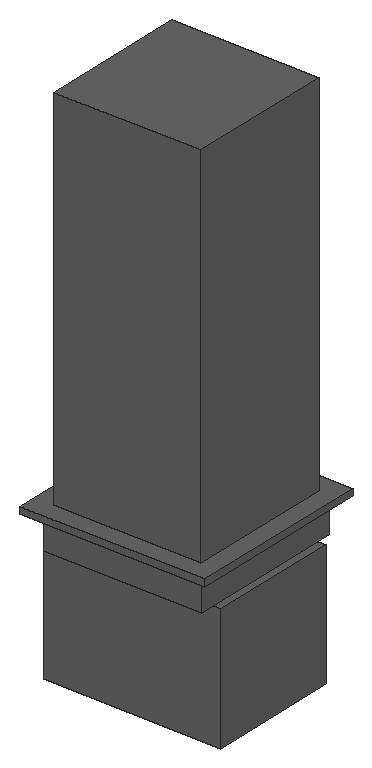
Revit family "LTC-4SQD-S", category Lighting Fixtures, host Face, Revit 2017
Family settings
  Host = Face
  Round Connector Dimension = Use Diameter
  Part Type = Normal
  OmniClass Number = 23.80.70.11.14.11
  OmniClass Title = Downlights
  Cut with Voids When Loaded = No
  Light Source = Yes
  Shared = Yes
  Room Calculation Point = No
Parameters (values of type "LTC-4SQDPH-SRMD")
  Width = 5.57813"
  Wattage Comments = "8-25"  # constant formula
  Wattage = 25 W
  built-in parameter 1150110 = 1 (stored number, unit not read)
  Voltage = if(Is 120V, 120 V, 277 V)  # 120 V
  URL = "https://www.hubbell.com/prescolite/en"
  Type Comments = "Light Fixture"  # constant formula
  built-in parameter 1114217 = 1 (stored number, unit not read)
  Tilt Angle = -90.00°
  built-in parameter 1150109 = 1 (stored number, unit not read)
  built-in parameter 1150134 = (empty or 0)
  built-in parameter 1150113 = 1 (stored number, unit not read)
  SRMD = yes
  Reflector Finish = Paint - Hubbell - Carbon Black
  Recessed Canopy = no
  Product Page URL = "https://www.hubbell.com/prescolite/en/Products/Lighting-Controls/Commercial-Indoor-Lighting/Cylinders/LITEISTRY-4-Square-Cylinder-wPowerHUBB/p/3775897"
  Product Material = Paint - Hubbell - Carbon Black
  Product Documentation Link = "https://hubbellcdn.com/specsheet/LTC-4SQDPH%20PowerHUBB.pdf"
  Photometric Web File = "LTC-4SQDPH-P-20L35K8MD-PM-S-BL.ies"
  Photometric Notes = "More IES files download on Photometric Web Link"  # constant formula
  Model = "LTC-4SQDPH"  # constant formula
  Manufacturer = "Prescolite"  # constant formula
  built-in parameter 1150105 = -6252400 (stored number, unit not read)
  Lumens = 2200 lm
  built-in parameter 1150115 = 1 (stored number, unit not read)
  Load Classification = Lighting
  built-in parameter 1150137 = (empty or 0)
  built-in parameter 1150139 = (empty or 0)
  built-in parameter 1150112 = 1 (stored number, unit not read)
  built-in parameter 1150114 = 1 (stored number, unit not read)
  Lamp = " LED's"  # constant formula
  Is 277V = not(Is 120V)  # no
  Is 120V = yes
  built-in parameter 1150132 = (empty or 0)
  built-in parameter 1150102 = (empty or 0)
  built-in parameter 1150107 = 3000 (stored number, unit not read)
  built-in parameter 1150138 = (empty or 0)
  built-in parameter 1150106 = -62524 (stored number, unit not read)
  Height = 14.00"
  Glass = Hubbell - White Glass
  Frequency = 60 Hz  # constant formula
  Emit from Rectangle Width = Width  # 5.57813"
  Emit from Rectangle Length = Width  # 5.57813"
  Emit Shape Visible in Rendering = yes
  built-in parameter 1150104 = 8.1755 (stored number, unit not read)
  Dimming Lamp Color Temperature Shift = <None>
  Description = "LITEISTRY™ 4inch Square Cylinder Downlight with Powerhubb"  # constant formula
  Default Elevation = 48.00"
  Contact Us = "https://www.hubbell.com/prescolite/en/contactUs"
  Connector Description = "Lighting Connector"  # constant formula
  Color Filter = 16777215
  Ceiling Thickness [instance] = 1.25"
  Cutout Radius = 3.125"
  Ceiling Cutout = Cutout Radius * 2  # 6.25"
  Canopy height = 0.26"
  Canopy Width = 7.00"
  built-in parameter 1114218 = 1 (stored number, unit not read)
  built-in parameter 1150133 = 10 (stored number, unit not read)
  Apparent Load = 52 VA
Types (4): name | SRMD | Recessed Canopy | Canopy height | Canopy Width
  (no name) | yes | no | 0.26" | 7.00"
  LTC-4SQDPH-SRMD | yes | no | 0.26" | 7.00"
  LTC-4SQDPH-SPC | no | yes | 3.00" | 5.74"
  LTC-4SQDPH-SPCC | no | no | 4.50" | 5.82"
Reference planes (in)
  plane 1 "Center (Front/Back)": y = 0
  plane 2: z = 0
  plane 3 "Center (Left/Right)": x = 0
  plane 4: z = -6
  plane 5: x = 3.5
  plane 6: x = -3.5
  plane 7: z = 0.26
  plane 8: y = -3.5
  plane 9: y = 3.5
  plane 10: z = 14.26
Forms (in)
  Extrusion 1, void
    sketch origin (0, 0, 0) x (1, 0, 0) y (0, 1, 0)
      loop
        circle (0, 0) r 3.125
    from -1.25 to 0
  Extrusion 2, solid, material "Paint - Hubbell - Carbon Black" <- "Product Material", visible <- "SRMD"
    sketch origin (0, 0, 0) x (1, 0, 0) y (0, 1, 0)
      loop
        line (-3.41406, 2.5) -> (-3.41406, -2.5) -> (3.28906, -2.5) -> (3.28906, 2.5) -> (-3.41406, 2.5)
    from -6 to -1.27765
  Extrusion 3, solid, material "Paint - Hubbell - Carbon Black" <- "Product Material"
    sketch origin (0, 0, 0) x (1, 0, 0) y (0, 1, 0)
      loop
        line (-2.78906, 2.78906) -> (-2.78906, -2.78906) -> (2.78906, -2.78906) -> (2.78906, 2.78906) -> (-2.78906, 2.78906)
    from 0.26 to 14.26
  Extrusion 4, solid, material "Paint - Hubbell - Carbon Black" <- "Product Material", visible <- "SRMD"
    sketch origin (0, 0, 0) x (1, 0, 0) y (0, 1, 0)
      loop
        line (-3, 3) -> (-3, -3) -> (3, -3) -> (3, 3) -> (-3, 3)
    from -1.27765 to 0
  Extrusion 5, solid, material "Paint - Hubbell - Carbon Black" <- "Product Material"
    sketch origin (0, 0, 0) x (1, 0, 0) y (0, 0, 1)
      loop
        line (-3.5, 0) -> (3.5, 0) -> (3.5, 0.26) -> (-3.5, 0.26) -> (-3.5, 0)
    from -3.5 to 3.5
  Extrusion 6, solid, material "Paint - Hubbell - Carbon Black" <- "Product Material", visible <- "Recessed Canopy"
    sketch origin (0, 0, 0) x (1, 0, 0) y (0, 1, 0)
      loop
        line (0, 1.28906) -> (-2.4154, 1.39453) -> (-2.4154, -1.39453) -> (0, -1.28906) -> (2.4154, -1.39453) -> (2.4154, 1.39453) -> (0, 1.28906)
    from 0 to -1.27765
Dimensions and locks (in)
  "Canopy Width": plane 5 to plane 6
  equal spacing: plane 5, imposter light, plane 6
  "Canopy height": plane 7 to plane 2
  equal spacing: plane 5, plane 3 "Center (Left/Right)", plane 6
  "Canopy Width": plane 9 to plane 8
  equal spacing: plane 9, plane 1 "Center (Front/Back)", plane 8
  locked: plane 10 to plane 7 at 14
  "Cutout Radius": radius of Extrusion 1 sketch curve
  aligned and locked: plane 2 to host face
  aligned and locked: level to host face
  aligned and locked: level to Extrusion 1
  aligned and locked: plane 1 "Center (Front/Back)" to Extrusion 1 sketch curve
  aligned and locked: plane 3 "Center (Left/Right)" to Extrusion 1 sketch curve
  aligned and locked: Extrusion 5 sketch curve to host face
  aligned and locked: Extrusion 5 sketch curve to plane 6
  aligned and locked: Extrusion 5 sketch curve to plane 7
  aligned and locked: plane 5 to Extrusion 5 sketch curve
  aligned and locked: Extrusion 5 to plane 9
  aligned and locked: plane 8 to Extrusion 5
  aligned and locked: plane 7 to Extrusion 3
  aligned and locked: Extrusion 3 to plane 10
  aligned and locked: imposter light to plane 10
Automatic sketch dimensions
  host sketch curve to host sketch curve = 96.00"  (x2)
  plane 3 "Center (Left/Right)" to Extrusion 2 sketch curve = 3.28906"
  plane 3 "Center (Left/Right)" to Extrusion 3 sketch curve = 2.78906"
  plane 3 "Center (Left/Right)" to Extrusion 4 sketch curve = 3.00"
  Extrusion 2 sketch curve to plane 3 "Center (Left/Right)" = 3.41406"
  Extrusion 3 sketch curve to plane 3 "Center (Left/Right)" = 2.78906"
  Extrusion 4 sketch curve to plane 3 "Center (Left/Right)" = 3.00"
  plane 1 "Center (Front/Back)" to Extrusion 2 sketch curve = 2.50"
  Extrusion 2 sketch curve to plane 1 "Center (Front/Back)" = 2.50"
  plane 1 "Center (Front/Back)" to Extrusion 3 sketch curve = 2.78906"
  Extrusion 3 sketch curve to plane 1 "Center (Front/Back)" = 2.78906"
  plane 1 "Center (Front/Back)" to Extrusion 4 sketch curve = 3.00"
  Extrusion 4 sketch curve to plane 1 "Center (Front/Back)" = 3.00"
  Extrusion 6 sketch curve to plane 3 "Center (Left/Right)" = 0.00"  (x2)
  Extrusion 6 sketch curve to plane 3 "Center (Left/Right)" = 2.4154"
  plane 3 "Center (Left/Right)" to Extrusion 6 sketch curve = 2.4154"
  Extrusion 6 sketch curve to plane 8 = 2.21094"
  plane 1 "Center (Front/Back)" to Extrusion 6 sketch curve = 1.39453"  (x2)
  Extrusion 6 sketch curve to plane 1 "Center (Front/Back)" = 1.39453"  (x2)
  plane 9 to Extrusion 6 sketch curve = 2.21094"
Connectors (in)
  electrical at (0, 0, 0), driven by "Connector Description", driven by "Voltage", driven by "Apparent Load", driven by "Load Classification"
    settings: on host face, index 1, voltage 120 V, apparent load 52 VA, apparent load phase1 0 VA, apparent load phase2 0 VA, apparent load phase3 0 VA, power factor 0.9, load classification "Lighting", number of poles 1, system type 30, power factor state 1, is connector primary yes, connector utility no, sub classification motor no, connector description "Lighting Connector"
